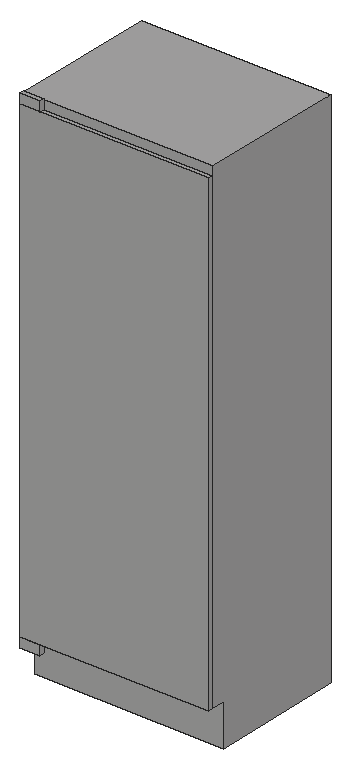
Revit family "RF471705", category Generic Models, Revit 2014
Parameters (values of type "RF471705")
  Width = 756 mm
  URL = "http://www.gaggenau.com."
  Model = "RF471705"
  Manufacturer = "Gaggenau"
  Height = 2125 mm
  Handle = Aluminium
  Fridge = Aluminium
  Door = Aluminium
  Description = "Gaggenau 30\" Freezer column with integrated ice maker"
  Depth = 608 mm
Reference planes
  plane 1 "Center (Front/Back)": y = 0
  plane 2: z = 0
  plane 3 "Center (Left/Right)": x = 0
  plane 4: z = 2125
  plane 5: x = -378
  plane 6: x = 378
  plane 7: y = 266.012
  plane 8: y = -341.988
  plane 9: z = 181
  plane 10: z = 102
  plane 11: z = 14.093
  plane 12: z = 2131
  plane 13: z = 2091
  plane 14: y = -268.988
  plane 15: y = -321.988
  plane 16: x = 317.794
Forms (mm)
  Extrusion 1, solid, material "Aluminium" <- "Fridge"
    sketch origin (0, 0, 0) x (0, 1, 0) y (0, 0, 1)
      loop
        line (266.012, 2125) -> (-321.988, 2125) -> (-321.988, 181) -> (-268.988, 181) -> (-268.988, 14.093) -> (266.012, 14.093) -> (266.012, 2125)
    from -378 to 378
  Extrusion 2, solid, material "Aluminium" <- "Door"
    sketch origin (0, 0, 0) x (1, 0, 0) y (0, 0, 1)
      loop
        line (-378, 181) -> (378, 181) -> (378, 2091) -> (-378, 2091) -> (-378, 181)
    from 321.988 to 341.988
  Extrusion 3, solid, material "Aluminium" <- "Door"
    sketch origin (-676, 0, -0.35) x (1, 0, 0) y (0, 0, 1)
      loop
        line (378, 2131.35) -> (298, 2131.35) -> (298, 2091.35) -> (378, 2091.35) -> (378, 2131.35)
      loop
        line (378, 181.35) -> (298, 181.35) -> (298, 141.35) -> (378, 141.35) -> (378, 181.35)
    from 321.988 to 341.988
  Extrusion 4, solid, material "Aluminium" <- "Fridge"
    sketch origin (0, 0, 0) x (1, 0, 0) y (0, 1, 0)
      loop
        circle (-346.403, -159.898) r 11.868
      loop
        circle (-346.403, 159.898) r 11.868
      loop
        circle (346.403, -159.898) r 11.868
      loop
        circle (346.403, 159.898) r 11.868
    from 0 to 14.093
Dimensions and locks
  "Width": plane 5 to plane 6
  plane 7 to plane 8 = 608 mm  (x2)
  plane 4 to plane 2 = 2125 mm
  plane 9 to plane 2 = 181 mm
  plane 10 to plane 2 = 102 mm
  plane 12 to plane 13 = 40 mm
  plane 14 to plane 8 = 73 mm
  plane 6 to plane 16 = 60.206 mm
  equal spacing: plane 5, plane 3 "Center (Left/Right)", plane 6
  plane 12 to plane 10 = 2029 mm
  aligned and locked: level to plane 2
  aligned and locked: plane 5 to Extrusion 1
  aligned and locked: plane 6 to Extrusion 1
  aligned and locked: Extrusion 2 to plane 8
  aligned and locked: Extrusion 2 to Extrusion 1
  aligned and locked: Extrusion 3 to plane 8
  aligned and locked: Extrusion 3 to Extrusion 1
  aligned and locked: plane 13 to Extrusion 2 sketch curve
  aligned and locked: plane 6 to Extrusion 2 sketch curve
  aligned and locked: plane 5 to Extrusion 2 sketch curve
Automatic sketch dimensions
  Extrusion 1 sketch curve to plane 4 = 0 mm
  Extrusion 1 sketch curve to plane 15 = 0 mm
  Extrusion 1 sketch curve to plane 9 = 0 mm
  Extrusion 1 sketch curve to plane 14 = 0 mm
  Extrusion 1 sketch curve to plane 7 = 0 mm
  Extrusion 1 sketch curve to plane 11 = 0 mm
  Extrusion 4 sketch curve to plane 5 = 31.597 mm  (x2)
  plane 16 to Extrusion 4 sketch curve = 28.608 mm  (x2)
  Extrusion 4 sketch curve to plane 14 = 109.089 mm  (x2)
  Extrusion 4 sketch curve to plane 7 = 106.114 mm  (x2)
  plane 10 to Extrusion 2 sketch curve = 79 mm
  Extrusion 3 sketch curve to plane 16 = 695.794 mm  (x2)
  Extrusion 3 sketch curve to plane 12 = 0 mm
  Extrusion 3 sketch curve to plane 6 = 676 mm  (x2)
  Extrusion 3 sketch curve to plane 9 = 0 mm
  Extrusion 3 sketch curve to plane 13 = 0 mm
  Extrusion 3 sketch curve to plane 9 = 40 mm
  radius of Extrusion 4 sketch curve = 11.868 mm  (x4)
